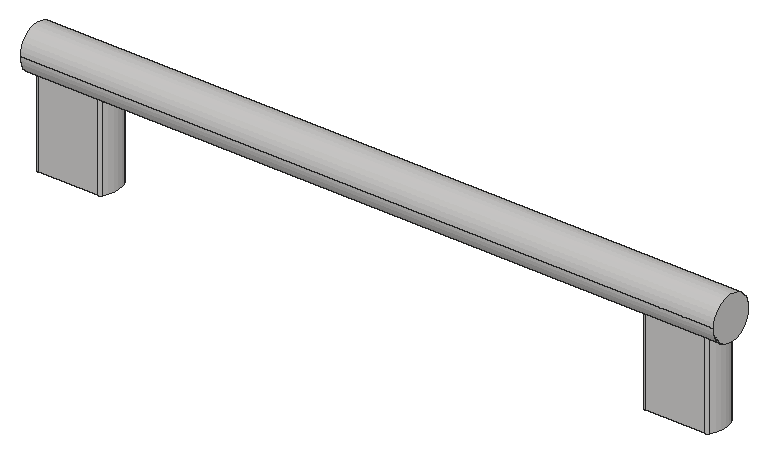
Revit family "450", category Plumbing Fixtures, host Face, Revit 2016
Family settings
  Host = Face
  Part Type = Normal
  Round Connector Dimension = Use Radius
  OmniClass Number = 23.40.20.21.47
  OmniClass Title = Bath Grab Bars
  Cut with Voids When Loaded = No
  Shared = No
  Room Calculation Point = No
Parameters (values of type "OPAL SUPPORT RAIL 450 STR")
  Waste Connection = no
  Vent Connection = no
  URL = "https://www.caroma.com.au/"
  Rail_Width = 450 mm
  Rail_Height = 75 mm
  Model = "687376C"
  Material_Base = GWA_Metal-Stainless
  Manufacturer = "GWA Bathrooms & Kitchens"  # constant formula
  HW Connection = no
  Description = "Opal Support Rail 450 STR"
  Default Elevation = 0 mm
  CreatedBy_ANZRS = "GWA Bathrooms & Kitchens"  # constant formula
  CW Connection = no
  Assembly Code = "C1030200"
Types (4, lengths in mm): name | Rail_Width | Model | Description
  (no name) | 450 | "687376C" | "Opal Support Rail 450 STR"
  OPAL SUPPORT RAIL 300 STR | 300 | "687375C" | "Opal Support Rail 300 STR"
  OPAL SUPPORT RAIL 450 STR | 450 | "687376C" | "Opal Support Rail 450 STR"
  OPAL SUPPORT RAIL 600 STR | 600 | "687377C" | "Opal Support Rail 600 STR"
Reference planes
  plane 1 "Center (Front/Back)": y = 0
  plane 2: z = 0
  plane 3 "Center (Left/Right)": x = 0
  plane 4 "Left": x = -225
  plane 5 "Right": x = 225
  plane 6 "Rail_Centre": z = 75
Forms (mm)
  Extrusion 1, solid, material "GWA_Metal-Stainless" <- "Material_Base"
    sketch origin (0, 0, 0) x (1, 0, 0) y (0, 1, 0)
      loop
        line (-203.278, 11.5) -> (-246.722, 11.5)
        arc (-246.722, 11.5) -> (-248.222, 11.098) -> (-249.321, 10) r 3
        arc (-249.321, 10) -> (-252, 0) -> (-249.321, -10) r 20
        arc (-249.321, -10) -> (-248.222, -11.098) -> (-246.722, -11.5) r 3
        line (-246.722, -11.5) -> (-203.278, -11.5)
        arc (-203.278, -11.5) -> (-201.778, -11.098) -> (-200.679, -10) r 3
        arc (-200.679, -10) -> (-198, 0) -> (-200.679, 10) r 20
        arc (-200.679, 10) -> (-201.778, 11.098) -> (-203.278, 11.5) r 3
    from 0 to 75
  Extrusion 2, solid, material "GWA_Metal-Stainless" <- "Material_Base"
    sketch origin (0, 0, 0) x (1, 0, 0) y (0, 1, 0)
      loop
        line (246.722, 11.5) -> (203.278, 11.5)
        arc (203.278, 11.5) -> (201.778, 11.098) -> (200.679, 10) r 3
        arc (200.679, 10) -> (198, 0) -> (200.679, -10) r 20
        arc (200.679, -10) -> (201.778, -11.098) -> (203.278, -11.5) r 3
        line (203.278, -11.5) -> (246.722, -11.5)
        arc (246.722, -11.5) -> (248.222, -11.098) -> (249.321, -10) r 3
        arc (249.321, -10) -> (252, 0) -> (249.321, 10) r 20
        arc (249.321, 10) -> (248.222, 11.098) -> (246.722, 11.5) r 3
    from 0 to 75
  Extrusion 3, void
    sketch origin (-225, 0, 0) x (0, 1, 0) y (0, 0, 1)
      loop
        circle (0, 75) r 16
    from -30 to 30
  Extrusion 4, void
    sketch origin (225, 50, 0) x (0, 1, 0) y (0, 0, 1)
      loop
        circle (-50, 75) r 16
    from -30 to 30
  Extrusion 5, solid, material "GWA_Metal-Stainless" <- "Material_Base"
    sketch origin (0, 0, 0) x (0, 1, 0) y (0, 0, 1)
      loop
        circle (0, 75) r 16
    from -257 to 256.99
Cuts and joins
  Extrusion 3, Extrusion 4 cuts Extrusion 1
  Extrusion 4 cuts Extrusion 2
Lines and regions (mm)
  Masking region 1
    outline origin (0, 0, 40) x (-1, 0, 0) y (0, -1, 0)
      loop
        line (257, -16) -> (257, 16) -> (-256.99, 16) -> (-256.99, -16) -> (257, -16)
  Masking region 2
    outline origin (0, 0, 0) x (1, 0, 0) y (0, 0, 1)
      loop
        line (-257, 91) -> (-257, 59) -> (-252, 59) -> (-252, 0) -> (-198, 0) -> (-198, 59) -> (198, 59) -> (198, 0) -> (252, 0) -> (252, 59) -> (256.99, 59) -> (256.99, 91) -> (-257, 91)
  Masking region 3
    outline origin (0, 0, 0) x (0, 1, 0) y (0, 0, 1)
      loop
        line (-11.5, 0) -> (11.5, 0) -> (11.5, 63.876)
        arc (11.5, 63.876) -> (0, 91) -> (-11.5, 63.876) r 16
        line (-11.5, 63.876) -> (-11.5, 0)
  symbolic lines
    curve 1: line (-257, 16, 40) -> (256.99, 16, 40)
    curve 2: line (-257, -16, 40) -> (-257, 16, 40)
    curve 3: line (256.99, -16, 40) -> (-257, -16, 40)
    curve 4: line (256.99, 16, 40) -> (256.99, -16, 40)
    curve 5: line (203.226, 0, 63.876) -> (246.774, 0, 63.876)
    curve 6: line (198, 0, 0) -> (198, 0, 59)
    curve 7: line (198, 0, 0) -> (252, 0, 0)
    curve 8: line (252, 0, 0) -> (252, 0, 59)
    curve 9: line (-252, 0, 0) -> (-252, 0, 59)
    curve 10: line (-252, 0, 0) -> (-198, 0, 0)
    curve 11: line (-198, 0, 0) -> (-198, 0, 59)
    curve 12: line (256.99, 0, 59) -> (252, 0, 59)
    curve 13: line (-257, 0, 59) -> (-257, 0, 91)
    curve 14: line (-257, 0, 91) -> (256.99, 0, 91)
    curve 15: line (256.99, 0, 91) -> (256.99, 0, 59)
    curve 16: line (198, 0, 59) -> (-198, 0, 59)
    curve 17: line (-252, 0, 59) -> (-257, 0, 59)
    curve 18: line (252, 0, 59) -> (249.152, 0, 62.704)
    curve 19: arc (246.774, 0, 63.876) -> (248.099, 0, 63.567) -> (249.152, 0, 62.704) r 3
    curve 20: line (198, 0, 59) -> (200.848, 0, 62.704)
    curve 21: arc (203.226, 0, 63.876) -> (201.901, 0, 63.567) -> (200.848, 0, 62.704) r 3
    curve 22: line (-203.226, 0, 63.876) -> (-246.774, 0, 63.876)
    curve 23: line (-252, 0, 59) -> (-249.152, 0, 62.704)
    curve 24: arc (-246.774, 0, 63.876) -> (-248.099, 0, 63.567) -> (-249.152, 0, 62.704) r 3
    curve 25: line (-198, 0, 59) -> (-200.848, 0, 62.704)
    curve 26: arc (-203.226, 0, 63.876) -> (-201.901, 0, 63.567) -> (-200.848, 0, 62.704) r 3
    curve 27: line (0, -11.5, 0) -> (0, -11.5, 63.876)
    curve 28: line (0, 11.5, 0) -> (0, 11.5, 63.876)
    curve 29: circle (0, 0, 75) r 16 normal (1, 0, 0)
    curve 30: line (0, -11.5, 0) -> (0, 11.5, 0)
Dimensions and locks
  "Rail_Width": plane 4 "Left" to plane 5 "Right"
  equal spacing: plane 4 "Left", plane 3 "Center (Left/Right)", plane 5 "Right"
  "Rail_Height": plane 6 "Rail_Centre" to host face
  locked: plane 5 "Right" to Extrusion 5 at 31.99
  locked: Extrusion 5 to plane 4 "Left" at 32
  aligned and locked: plane 2 to host face
  aligned and locked: level to host face
  aligned and locked: Masking region 1 sketch curve to curve 1
  aligned and locked: Masking region 1 sketch curve to Extrusion 5  (x2)
  aligned and locked: Masking region 1 sketch curve to curve 3
Automatic sketch dimensions
  host sketch curve to host sketch curve = 2438.4 mm  (x2)
  Extrusion 3 sketch curve to plane 1 "Center (Front/Back)" = 0 mm
  Extrusion 3 sketch curve to plane 6 "Rail_Centre" = 0 mm
  Extrusion 4 sketch curve to plane 6 "Rail_Centre" = 0 mm
  plane 1 "Center (Front/Back)" to Extrusion 4 sketch curve = 0 mm
  Extrusion 5 sketch curve to plane 1 "Center (Front/Back)" = 0 mm
  Extrusion 5 sketch curve to plane 6 "Rail_Centre" = 0 mm
  curve 10 to level = 0 mm
  curve 7 to level = 0 mm
  curve 13 to plane 4 "Left" = 32 mm
  curve 13 to curve 23 = 5 mm
  curve 23 to plane 6 "Rail_Centre" = 12.296 mm
  curve 23 to curve 23 = 2.848 mm
  curve 23 to curve 22 = 2.378 mm
  plane 4 "Left" to curve 26 = 21.774 mm
  curve 25 to plane 6 "Rail_Centre" = 12.296 mm
  curve 26 to curve 25 = 2.378 mm
  plane 4 "Left" to curve 10 = 27 mm
  curve 7 to plane 5 "Right" = 27 mm
  curve 6 to curve 20 = 2.848 mm
  curve 20 to curve 21 = 2.378 mm
  curve 19 to plane 6 "Rail_Centre" = 14.124 mm
  plane 5 "Right" to curve 19 = 21.774 mm
  curve 5 to curve 18 = 2.378 mm
  plane 5 "Right" to curve 8 = 27 mm
  curve 19 to curve 15 = 10.216 mm
  curve 9 to curve 24 = 3.704 mm
  curve 6 to plane 6 "Rail_Centre" = 16 mm
  curve 8 to curve 19 = 1.876 mm
  curve 24 to curve 23 = 1.829 mm
  curve 6 to curve 21 = 1.876 mm
  curve 19 to curve 18 = 1.829 mm
  plane 6 "Rail_Centre" to curve 14 = 16 mm
  plane 5 "Right" to curve 1 = 31.99 mm
  plane 1 "Center (Front/Back)" to curve 3 = 16 mm
  curve 3 to plane 4 "Left" = 32 mm
  curve 1 to plane 1 "Center (Front/Back)" = 16 mm
  plane 1 "Center (Front/Back)" to Extrusion 1 sketch curve = 0 mm  (x2)
  Extrusion 1 sketch curve to plane 1 "Center (Front/Back)" = 8.5 mm
  Extrusion 1 sketch curve to plane 4 "Left" = 21.722 mm
  plane 1 "Center (Front/Back)" to Extrusion 1 sketch curve = 8.5 mm  (x2)
  Extrusion 1 sketch curve to Extrusion 1 sketch curve = 0 mm  (x3)
  Extrusion 1 sketch curve to plane 4 "Left" = 7 mm
  plane 4 "Left" to Extrusion 1 sketch curve = 7 mm
  Extrusion 1 sketch curve to Extrusion 1 sketch curve = 14.722 mm  (x2)
  Extrusion 1 sketch curve to plane 1 "Center (Front/Back)" = 11.5 mm
  Extrusion 1 sketch curve to Extrusion 1 sketch curve = 3 mm  (x2)
  plane 1 "Center (Front/Back)" to Extrusion 2 sketch curve = 0 mm  (x2)
  Extrusion 2 sketch curve to plane 1 "Center (Front/Back)" = 8.5 mm
  Extrusion 2 sketch curve to plane 5 "Right" = 21.722 mm
  plane 1 "Center (Front/Back)" to Extrusion 2 sketch curve = 8.5 mm  (x2)
  Extrusion 2 sketch curve to Extrusion 2 sketch curve = 0 mm  (x3)
  Extrusion 2 sketch curve to plane 5 "Right" = 7 mm
  plane 5 "Right" to Extrusion 2 sketch curve = 7 mm
  Extrusion 2 sketch curve to Extrusion 2 sketch curve = 14.722 mm  (x2)
  Extrusion 2 sketch curve to plane 1 "Center (Front/Back)" = 11.5 mm
  Extrusion 2 sketch curve to Extrusion 2 sketch curve = 3 mm  (x2)
  Masking region 2 sketch curve to level = 0 mm  (x2)
  Masking region 2 sketch curve to plane 4 "Left" = 32 mm
  Masking region 2 sketch curve to Masking region 2 sketch curve = 5 mm
  plane 4 "Left" to Masking region 2 sketch curve = 27 mm
  Masking region 2 sketch curve to plane 5 "Right" = 27 mm
  plane 5 "Right" to Masking region 2 sketch curve = 27 mm
  plane 5 "Right" to Masking region 2 sketch curve = 31.99 mm
  Masking region 2 sketch curve to plane 6 "Rail_Centre" = 16 mm  (x3)
  plane 6 "Rail_Centre" to Masking region 2 sketch curve = 16 mm
  Masking region 3 sketch curve to plane 6 "Rail_Centre" = 11.124 mm  (x2)
  Masking region 3 sketch curve to level = 0 mm
  Masking region 3 sketch curve to plane 1 "Center (Front/Back)" = 0 mm
  Masking region 3 sketch curve to plane 1 "Center (Front/Back)" = 11.5 mm
  Masking region 3 sketch curve to plane 6 "Rail_Centre" = 0 mm
  curve 27 to level = 0 mm
  curve 29 to plane 1 "Center (Front/Back)" = 0 mm
  curve 29 to plane 6 "Rail_Centre" = 0 mm
  plane 1 "Center (Front/Back)" to curve 27 = 11.5 mm
  curve 28 to plane 1 "Center (Front/Back)" = 11.5 mm
  curve 28 to plane 6 "Rail_Centre" = 11.124 mm
  radius of Extrusion 3 sketch curve = 16 mm
  radius of Extrusion 4 sketch curve = 16 mm
  radius of Extrusion 5 sketch curve = 16 mm
